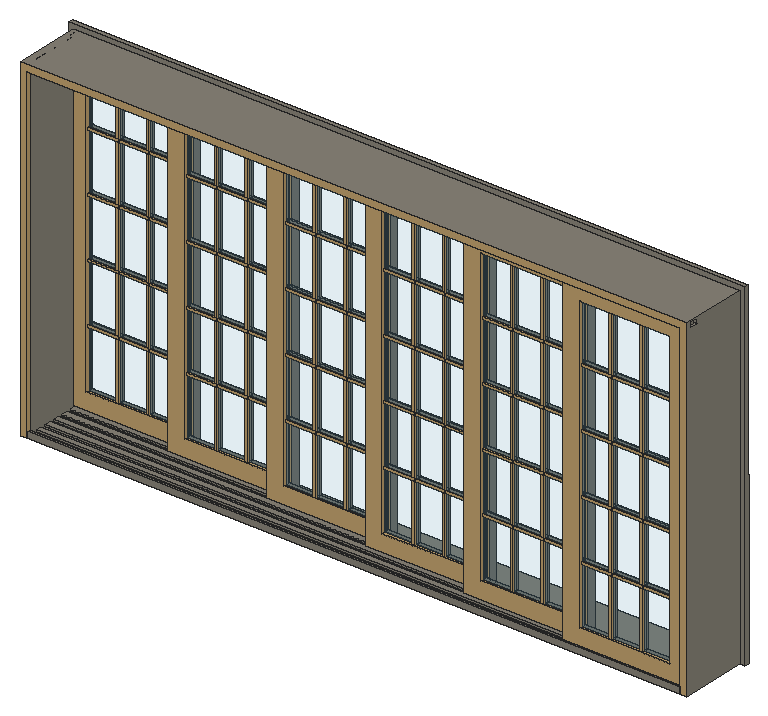
Revit family
Parameters (values of type "CMMSDS18080_OXXXXX/XXXXXO")
  Void Offset = if(and(Casing Visibility, BMC), 0' 1 5/16", if(and(Casing Visibility, Flat Casing), 0' 3", 0' 0"))  # 0' - 1 5/16"
  V6a = if(Panels > 5, 0' 1 13/16", 0' 0")  # 0' - 1 13/16"
  V5a = if(Panels > 4, 0' 1 13/16", 0' 0")  # 0' - 1 13/16"
  V5 = if(Panels > 4, 0' 0 7/32", 0' 1")  # 0' - 0 7/32"
  V4a = if(Panels > 3, 0' 1 13/16", 0' 0")  # 0' - 1 13/16"
  V4 = if(Panels > 3, 0' 0 7/32", 0' 1")  # 0' - 0 7/32"
  V3a = if(Panels > 2, 0' 1 13/16", 0' 0")  # 0' - 1 13/16"
  V3 = if(Panels > 2, 0' 0 7/32", 0' 1")  # 0' - 0 7/32"
  URL = "www.marvin.com"
  Sill Material = Polyurethane-Marvin-Bronze
  Sill Liner = if(Performance Sill, 0' 1 1/16", 0' 0")  # 0' - 1 1/16"
  Prairie Corner Width = 0' - 4"
  Prairie Corner Height = 0' - 4"
  Performance Sill = yes
  Operator Arrow Visibility = yes
  Muntins Interior Material = Wood-Marvin-Pine
  Muntins Exterior Material = Aluminum-Marvin-Bronze
  Lite Cut Prairie 9 = no
  Lite Cut HV Grid = not(Lite Cut Prairie 9)  # yes
  Interior Material = Wood-Marvin-Pine
  Function = 1
  Frame = "Aluminum Clad"
  Flush Sill = not(Performance Sill)  # no
  Panel Start Center = Panel Width / 2  # 1' - 5 17/32"
  Panel Center = Panel Width - Panel Stile  # 2' - 6 21/64"
  Panel Stile = 0' - 4 47/64"  # constant formula
  Thickness = 0' - 2 1/4"  # constant formula
  Rough Width = Width + 0' 1"  # 15' - 9 9/16"
  Rough Height = Height + 0' 0 1/2"  # 7' - 11 7/32"
  Panels = if(Number of Panels < 2, 2, if(Number of Panels > 6, 6, Number of Panels))  # 6
  Panel Width = (Width - 0' 1 55/64" + (Panel Stile * (Panels - 1))) / Panels  # 2' - 11 1/16"
  Panel Height = Height - 0' 2 7/32"  # 7' - 8 1/2"
  Panel 6 Visibility = Number of Panels > 5  # yes
  Panel 5 Visibility = Number of Panels > 4  # yes
  Panel 4 Visibility = Number of Panels > 3  # yes
  Panel 3 Visibility = Number of Panels > 2  # yes
  Number of Panels = 6
  Nominal Width = 18' - 0"
  Nominal Height = 8' - 0"
  Muntins Interior Visibility = yes
  Muntins Exterior Visibility = yes
  Model = "CMMSDS18080_OXXXXX/XXXXXO"
  Manufacturer = "Marvin Windows and Doors"
  Lites Wide = 3
  Lites High = 5
  Label Visibility = no
  Jamb Depth = if(Panels = 2, 0' 6 25/32", if(Panels = 3, 0' 9 51/64", if(Panels = 4, 1' 0 13/16", if(Panels = 5, 1' 3 27/32", 1' 6 55/64"))))  # 1' - 6 55/64"
  Inset to Installation Flange [instance] = 0' - 1"
  Height = if(Nominal Height = 7' 0", Nominal Height + 0' 1 7/32", Nominal Height - 0' 1 9/32")  # 7' - 10 23/32"
  Wall Closure = (empty or 0)
  Width = if(Panels = 2, Nominal Width - 0' 4 3/4", if(Panels = 3, Nominal Width - 0' 10 27/64", if(Panels = 4, Nominal Width - 1' 4 3/32", if(Panels = 5, Nominal Width - 1' 9 49/64", Nominal Width - 2' 3 7/16"))))  # 15' - 8 9/16"
  Glazing Material = Glass-Marvin-IG Low E II with Argon
  Glass Type = "IG Low E II with Argon"
  Family created by = "www.rbuiltcomponents.com"
  Door Type = "Clad Ultimate Multi-Slide Stacked Door"
  Design Pressure = if(DP_1, "Not Rated", "DP40")  # "DP40"
  Description = "18080 MS DOOR"
  Daylight Area = DLO Width Panel * DLO Height Panel * Panels  # 88.545 SF
  DP_1 = or(Panel Height > 10' 0", Panel Width > 4' 0", Flush Sill)  # no
  DLO Width Panel = Panel Width - (Panel Stile * 2)  # 2' - 1 19/32"
  DLO Height Panel = Panel Height - (Panel Stile * 2)  # 6' - 11 1/32"
  Cladding Material = Aluminum-Marvin-Bronze
  Casing Width = if(BMC, 0' 1 5/16", 0' 3")  # 0' - 1 5/16"
  Casing Visibility = yes
  Flat Casing Visibility = and(Casing Visibility, Flat Casing)  # no
  BMC Visibility = and(Casing Visibility, BMC)  # yes
  BMC = yes
  Flat Casing = not(BMC)  # no
  Assembly Code = ""
Reference planes (in)
  plane 1 "Center (Front/Back)": y = 0
  plane 2 "Center (Left/Right)": x = 0
  plane 3 "Left": x = -94.28125
  plane 4 "Right": x = 94.28125
  plane 5 "Top": z = 94.71875
  plane 6 "Exterior": y = 11
  plane 7 "Interior": y = -11
  plane 8 "Inset": y = 10
  plane 9: x = -93.35938
  plane 10: x = 93.35937
  plane 11: z = 93.71875
  plane 12 "Jamb Ext Face": y = -8.85938
  plane 13: y = 9.625
  plane 14: y = 6.60547
  plane 15: y = 3.58594
  plane 16: y = 0.56641
  plane 17: x = -45.5
  plane 18: x = -15.17187
  plane 19: x = 15.15625
  plane 20: x = -75.82812
  plane 21: z = 96.03125
  plane 22: x = 75.82813
  plane 23: x = 45.48438
  plane 24: y = -5.47266
  plane 25: y = -2.45313
Forms (in)
  Extrusion 1, void
    sketch origin (0, 0, 0) x (1, 0, 0) y (0, 1, 0)
      loop
        line (-95.59375, 11.125) -> (-95.59375, 10) -> (95.59375, 10) -> (95.59375, 11.125) -> (-95.59375, 11.125)
    from 0 to 96.03125
  Extrusion 2, void
    sketch origin (0, 0, 0) x (1, 0, 0) y (0, 1, 0)
      loop
        line (-94.28125, 10) -> (-94.28125, -11) -> (94.28125, -11) -> (94.28125, 10) -> (-94.28125, 10)
    from 0 to 94.71875
  Sweep 3, solid, material "Polyurethane-Marvin-Bronze" <- "Sill Material"
    path origin (0, 10, 0) x (1, 0, 0) y (0, 0, 1)
      loop
        line (93.4375, 0) -> (-93.4375, 0)
    profile origin (0, 10, 0) x (0, 0, -1) y (0, -1, 0)
      loop
        line (0, -1.03125) -> (0, 18.39063) -> (-0.75, 18.39063) -> (-0.75, 17.12891) -> (-0.25, 17.12891) -> (-0.25, 15.69141) -> (-0.75, 15.69141) -> (-0.75, -1.03125) -> (0, -1.03125)
  Sweep 4, solid, material "Polyurethane-Marvin-Bronze" <- "Sill Material"
    path origin (0, 10, 0) x (1, 0, 0) y (0, 0, 1)
      loop
        line (92.31025, 0) -> (-92.31025, 0)
    profile origin (0, 10, 0) x (0, 0, -1) y (0, -1, 0)
      loop
        line (-1.8125, 18.39063) -> (0, 18.39063) -> (0, 18.85938) -> (-1.8125, 18.85938) -> (-1.8125, 18.39063)
  Sweep 5, solid, material "Aluminum-Marvin-Bronze" <- "Cladding Material"
    path origin (0, 10, 0) x (1, 0, 0) y (0, 0, 1)
      loop
        line (-94.28125, 0) -> (-94.28125, 94.71875) -> (94.28125, 94.71875) -> (94.28125, 0)
    profile origin (0, 10, 94.71875) x (0, 0, 1) y (0, -1, 0)
      loop
        line (0, 18.85938) -> (-1.971, 18.85938) -> (-1.971, 18.07813) -> (-1.8125, 18.07813) -> (-1.8125, -0.40625) -> (-0.84375, -0.40625) -> (-0.84375, -1.0935) -> (0, -1.0935) -> (0, 18.85938)
  Sweep 6, void
    path origin (0, 10, 0) x (1, 0, 0) y (0, 0, 1)
      loop
        line (-94.28125, 93.71875) -> (-94.28125, 0)
    profile origin (-94.28125, 10, 46.85938) x (0, -1, 0) y (1, 0, 0)
      loop
        line (2.625, 1.8125) -> (0.125, 1.8125) -> (0.125, 0.8125) -> (2.625, 0.8125) -> (2.625, 1.8125)
  Sweep 7, void
    path origin (0, 10, 0) x (1, 0, 0) y (0, 0, 1)
      loop
        line (94.28125, 92.90625) -> (94.28125, 1.21875)
    profile origin (94.28125, 10, 47.0625) x (0, -1, 0) y (1, 0, 0)
      loop
        line (17.82813, -0.8125) -> (15.32813, -0.8125) -> (15.32813, -1.5) -> (15.07813, -1.5) -> (15.07813, -1.971) -> (18.07813, -1.971) -> (18.07813, -1.5) -> (17.82813, -1.5) -> (17.82813, -0.8125)
  Sweep 8, void
    path origin (0, 10, 0) x (1, 0, 0) y (0, 0, 1)
      loop
        line (-93.35938, 94.71875) -> (-58.29688, 94.71875)
    profile origin (-75.82813, 10, 94.71875) x (0, 0, 1) y (0, -1, 0)
      loop
        line (-0.25, 2.76172) -> (-1.5, 2.76172) -> (-1.5, 3.01172) -> (-1.8125, 3.01172) -> (-1.8125, 0) -> (-1.5, 0) -> (-1.5, 0.25) -> (-0.25, 0.25) -> (-0.25, 2.76172)
  Sweep 9, void
    path origin (0, 10, 0) x (1, 0, 0) y (0, 0, 1)
      loop
        line (-92.46875, 94.71875) -> (-27.96875, 94.71875)
    profile origin (-60.21875, 10, 94.71875) x (0, 0, 1) y (0, -1, 0)
      loop
        line (-0.25, 3.26172) -> (-0.25, 5.77344) -> (-1.5, 5.77344) -> (-1.5, 6.02344) -> (-1.8125, 6.02344) -> (-1.8125, 3.01172) -> (-1.5, 3.01172) -> (-1.5, 3.26172) -> (-0.25, 3.26172)
  Sweep 10, void
    path origin (0, 10, 0) x (1, 0, 0) y (0, 0, 1)
      loop
        line (-92.46875, 94.71875) -> (2.35937, 94.71875)
    profile origin (-45.05469, 10, 94.71875) x (0, 0, 1) y (0, -1, 0)
      loop
        line (-0.25, 8.78125) -> (-1.5, 8.78125) -> (-1.5, 9.03125) -> (-1.8125, 9.03125) -> (-1.8125, 5.89453) -> (-1.5, 5.89453) -> (-1.5, 6.26953) -> (-0.25, 6.26953) -> (-0.25, 8.78125)
  Sweep 11, void
    path origin (0, 10, 0) x (1, 0, 0) y (0, 0, 1)
      loop
        line (-92.46875, 94.71875) -> (32.6875, 94.71875)
    profile origin (-29.89063, 10, 94.71875) x (0, 0, 1) y (0, -1, 0)
      loop
        line (-0.25, 9.28906) -> (-0.25, 11.80078) -> (-1.5, 11.80078) -> (-1.5, 12.05078) -> (-1.8125, 12.05078) -> (-1.8125, 8.91406) -> (-1.5, 8.91406) -> (-1.5, 9.28906) -> (-0.25, 9.28906)
  Sweep 12, void
    path origin (0, 10, 0) x (1, 0, 0) y (0, 0, 1)
      loop
        line (-92.46875, 94.71875) -> (63.01562, 94.71875)
    profile origin (-14.72656, 10, 94.71875) x (0, 0, 1) y (0, -1, 0)
      loop
        line (-0.25, 14.82031) -> (-1.5, 14.82031) -> (-1.5, 15.07031) -> (-1.8125, 15.07031) -> (-1.8125, 11.93359) -> (-1.5, 11.93359) -> (-1.5, 12.30859) -> (-0.25, 12.30859) -> (-0.25, 14.82031)
  Sweep 13, void
    path origin (0, 10, 0) x (1, 0, 0) y (0, 0, 1)
      loop
        line (-92.46875, 94.71875) -> (94.28125, 94.71875)
    profile origin (0.90625, 10, 94.71875) x (0, 0, 1) y (0, -1, 0)
      loop
        line (-0.25, 15.32813) -> (-0.25, 17.83984) -> (-1.5, 17.83984) -> (-1.5, 18.08984) -> (-1.8125, 18.08984) -> (-1.8125, 14.95313) -> (-1.5, 14.95313) -> (-1.5, 15.32813) -> (-0.25, 15.32813)
  Extrusion 14, void
    sketch origin (0, 0, 0) x (1, 0, 0) y (0, 1, 0)
      loop
        line (-93.35938, 6.35742) -> (-93.35938, 4.91992) -> (-27.96875, 4.91992) -> (-27.96875, 6.35742) -> (-93.35938, 6.35742)
      loop
        line (-93.35938, 1.9082) -> (2.35938, 1.9082) -> (2.35938, 3.36719) -> (-93.35938, 3.36719) -> (-93.35938, 1.9082)
      loop
        line (-93.35938, -1.08984) -> (32.6875, -1.08984) -> (32.6875, 0.34766) -> (-93.35938, 0.34766) -> (-93.35938, -1.08984)
      loop
        line (-93.35938, -4.10938) -> (63.01563, -4.10938) -> (63.01563, -2.67188) -> (-93.35938, -2.67188) -> (-93.35938, -4.10938)
      loop
        line (-93.35938, 7.93164) -> (-58.29687, 7.93164) -> (-58.29687, 9.34766) -> (-93.35938, 9.34766) -> (-93.35938, 7.93164)
    from 0.25 to 0.75
Cuts and joins
  Sweep 6, Sweep 7, Sweep 8, Sweep 9, Sweep 10, Sweep 11, Sweep 12, Sweep 13 cuts Sweep 5
  Sweep 7, Sweep 9, Sweep 10, Sweep 11, Sweep 12, Sweep 13, Extrusion 14 cuts Sweep 3
  Extrusion 14 cuts Sweep 4
  joined: Sweep 3, Sweep 4
Lines and regions (in)
  Masking region 1
    outline origin (0, 0, 0) x (0, 1, 0) y (0, 0, 1)
      loop
        line (11.0935, 94.71875) -> (-8.85937, 94.71875) -> (-8.85937, 0) -> (11.0935, 0) -> (11.0935, 94.71875)
  Split face 1
    outline origin (-92.46875, 10.40625, 0) x (0, 0, 1) y (0, -1, 0)
      loop
        line (94.46875, 3.6875) -> (93.21875, 3.6875) -> (93.21875, 3.41797) -> (92.90625, 3.41797) -> (92.90625, 3.03125) -> (0, 3.03125)
  symbolic lines, style "DoorsPanelProjection", detail levels coarse+medium
    curve 1: line (0, 9.625, 93.71875) -> (0, 7.40625, 93.71875)
    curve 2: line (0, 9.625, 88.98437) -> (0, 9.625, 93.71875)
    curve 3: line (0, 7.40625, 88.98437) -> (0, 9.625, 88.98437)
    curve 4: line (0, 7.40625, 93.71875) -> (0, 7.40625, 88.98437)
    curve 5: line (0, 7.40625, 1.21875) -> (0, 9.625, 1.21875)
    curve 6: line (0, 7.40625, 5.95312) -> (0, 7.40625, 1.21875)
    curve 7: line (0, 9.625, 5.95312) -> (0, 7.40625, 5.95312)
    curve 8: line (0, 9.625, 1.21875) -> (0, 9.625, 5.95312)
    curve 9: line (0, 9.625, 5.95312) -> (0, 9.625, 88.98437)
    curve 15: line (0, 7.40625, 88.98437) -> (0, 7.40625, 5.95312)
  symbolic lines, style "DoorsGlassProjection", detail levels coarse+medium
    curve 10: line (0, 8.51562, 5.95312) -> (0, 8.51562, 88.98437)
  symbolic lines, style "DoorsFrameMullionProjection", detail levels coarse+medium
    curve 11: line (0, 11.0935, 94.71875) -> (0, -8.85937, 94.71875)
    curve 12: line (0, 11.0935, 92.90625) -> (0, 11.0935, 94.71875)
    curve 13: line (0, -8.85937, 92.74775) -> (0, -7.82813, 92.74775)
    curve 14: line (0, -8.85937, 94.71875) -> (0, -8.85937, 92.74775)
    curve 16: line (0, -7.82813, 93.71875) -> (0, 9.75, 93.71875)
    curve 17: line (0, 9.75, 92.90625) -> (0, 9.75, 93.71875)
    curve 18: line (0, -7.82813, 92.74775) -> (0, -7.82813, 93.71875)
    curve 19: line (0, 9.75, 92.90625) -> (0, 11.0935, 92.90625)
    curve 20: line (0, 11.03125, 0) -> (0, -8.85938, 0)
    curve 21: line (0, 11.03125, 0.75) -> (0, 11.03125, 0)
    curve 22: line (0, -8.85938, 0.75) -> (0, 11.03125, 0.75)
    curve 23: line (0, -8.85938, 0) -> (0, -8.85938, 0.75)
Text (in)
  text "Exterior" at (-74.96733, 27.31104, 0), in view "Ref. Level"
  text "Interior" at (-74.96733, -25.14366, 0), in view "Ref. Level"
  text "Exterior" at (0, 40.15149, 123.01588), in view "Right"
  text "Interior" at (0, -64.39139, 123.01588), in view "Right"
  text "Interior" at (0, -31.01599, 123.00693), in view "Left"
  text "Exterior" at (0, 54.57065, 123.00693), in view "Left"
Dimensions and locks (in)
  equal spacing: plane 3 "Left", plane 2 "Center (Left/Right)", plane 4 "Right"
  "Height": level to plane 5 "Top"
  "Width": plane 3 "Left" to plane 4 "Right"
  locked: plane 10 to plane 4 "Right" at 0.92188
  locked: plane 3 "Left" to plane 9 at 0.92188
  locked: plane 11 to plane 5 "Top" at 1
  "Inset to Installation Flange": host wall to plane 8 "Inset"
  "Jamb Depth": plane 12 "Jamb Ext Face" to plane 8 "Inset"
  locked: nested 1 to host wall at 12
  locked: Extrusion 1 sketch curve to host wall at 0.125
  "Void Offset": Extrusion 1 sketch curve to plane 3 "Left"
  "Void Offset": plane 4 "Right" to Extrusion 1 sketch curve
  locked: plane 13 to plane 8 "Inset" at 0.375
  "Panel Start Center": plane 20 to plane 9
  "Panel Center": plane 17 to plane 20
  "Panel Center": plane 18 to plane 17
  "Panel Center": plane 19 to plane 18
  "Void Offset": plane 5 "Top" to plane 21
  "Panel Center": plane 19 to plane 23
  "Panel Start Center": plane 22 to plane 10
  equal spacing: nested 7, curve 10, nested 7
  plane 24 to plane 25 to plane 16 to plane 15 to plane 14 to plane 13 = 0' - 3 5/256" locked, 0' - 3 5/256" locked, 0' - 3 5/256" locked, 0' - 3 5/256" locked, 0' - 3 5/256" locked
  locked: Sweep 5 sketch curve to plane 12 "Jamb Ext Face" at 0.78125
  Sweep 6 sketch curve to plane 13 to Sweep 6 sketch curve = 0' - 2 1/4" locked, 0' - 0 1/4" locked
  locked: Sweep 6 sketch curve to cut or joined group of Sweep 5, Sweep 6, Sweep 7, Sweep 8, Sweep 9, Sweep 10, Sweep 11, Sweep 12, Sweep 13 at 1
  locked: plane 10 to Sweep 3 sketch curve at 0.07812
  locked: Sweep 3 sketch curve to plane 9 at 0.07812
  plane 12 "Jamb Ext Face" to Sweep 7 sketch curve to Sweep 7 sketch curve to Sweep 7 sketch curve to Sweep 7 sketch curve = 0' - 0 25/32" locked, 0' - 0 1/4" locked, 0' - 2 1/2" locked, 0' - 0 1/4" locked
  Sweep 13 sketch curve to Sweep 13 sketch curve to Sweep 13 sketch curve = 0' - 0 5/16" locked, 0' - 1 1/4" locked
  "V6a": Sweep 13 sketch curve to plane 5 "Top"
  Sweep 12 sketch curve to Sweep 12 sketch curve to Sweep 12 sketch curve = 0' - 1 1/4" locked, 0' - 0 5/16" locked
  "V5a": Sweep 12 sketch curve to plane 5 "Top"
  Sweep 11 sketch curve to Sweep 11 sketch curve to Sweep 11 sketch curve = 0' - 0 5/16" locked, 0' - 1 1/4" locked
  "V4a": Sweep 11 sketch curve to plane 5 "Top"
  Sweep 10 sketch curve to Sweep 10 sketch curve to Sweep 10 sketch curve = 0' - 1 1/4" locked, 0' - 0 5/16" locked
  "V3a": Sweep 10 sketch curve to plane 5 "Top"
  Sweep 8 sketch curve to Sweep 8 sketch curve to plane 13 to Sweep 8 sketch curve to Sweep 8 sketch curve = 0' - 0 1/4" locked, 0' - 0 1/8" locked, 0' - 2 99/256" locked, 0' - 0 1/4" locked
  Sweep 9 sketch curve to Sweep 9 sketch curve to plane 14 to Sweep 9 sketch curve to Sweep 9 sketch curve = 0' - 0 1/4" locked, 0' - 0 17/128" locked, 0' - 2 97/256" locked, 0' - 0 1/4" locked
  Sweep 10 sketch curve to Sweep 10 sketch curve to plane 15 to Sweep 10 sketch curve to Sweep 10 sketch curve = 0' - 0 3/8" locked, 0' - 0 37/256" locked, 0' - 2 47/128" locked, 0' - 0 1/4" locked
  Sweep 11 sketch curve to Sweep 11 sketch curve to plane 16 to Sweep 11 sketch curve to Sweep 11 sketch curve = 0' - 0 3/8" locked, 0' - 0 37/256" locked, 0' - 2 47/128" locked, 0' - 0 1/4" locked
  Sweep 12 sketch curve to Sweep 12 sketch curve to plane 25 to Sweep 12 sketch curve to Sweep 12 sketch curve = 0' - 0 3/8" locked, 0' - 0 37/256" locked, 0' - 2 47/128" locked, 0' - 0 1/4" locked
  Sweep 13 sketch curve to Sweep 13 sketch curve to plane 24 to Sweep 13 sketch curve to Sweep 13 sketch curve = 0' - 0 3/8" locked, 0' - 0 37/256" locked, 0' - 2 47/128" locked, 0' - 0 1/4" locked
  locked: Sweep 3 sketch curve to plane 12 "Jamb Ext Face" at 0.46875
  "Sill Liner": Sweep 4 sketch curve to cut or joined group of Sweep 3, Sweep 4, Sweep 7, Sweep 9, Sweep 10, Sweep 11, Sweep 12, Sweep 13, Extrusion 14
  "V5": plane 25 to Extrusion 14 sketch curve
  "V4": Extrusion 14 sketch curve to plane 16
  "V3": Extrusion 14 sketch curve to plane 15
  Sweep 3 sketch curve to Sweep 3 sketch curve to plane 12 "Jamb Ext Face" = 0' - 1 7/16" locked, 0' - 1 187/256" locked
  locked: Extrusion 14 to level at 0.25
  "Panel Start Center": plane 17 to Extrusion 14 sketch curve
  "Panel Start Center": plane 18 to Extrusion 14 sketch curve
  "Panel Start Center": plane 19 to Extrusion 14 sketch curve
  "Panel Start Center": plane 23 to Extrusion 14 sketch curve
  locked: Extrusion 14 sketch curve to plane 14 at 1.68555
  locked: Extrusion 14 sketch curve to plane 15 at 1.67773
  locked: Extrusion 14 sketch curve to plane 16 at 1.65625
  locked: plane 25 to Extrusion 14 sketch curve at 1.65625
  "Panel Start Center": plane 20 to Extrusion 14 sketch curve
  aligned and locked: plane 6 "Exterior" to host wall
  aligned and locked: host wall to plane 7 "Interior"
  aligned and locked: plane 2 "Center (Left/Right)" to nested 1
  aligned and locked: Extrusion 1 sketch curve to plane 8 "Inset"
  aligned and locked: Extrusion 1 to level
  aligned and locked: Extrusion 2 sketch curve to plane 3 "Left"
  aligned and locked: plane 8 "Inset" to Extrusion 2 sketch curve
  aligned and locked: plane 4 "Right" to Extrusion 2 sketch curve
  aligned and locked: Extrusion 2 to plane 5 "Top"
  aligned and locked: Extrusion 2 to level
  aligned and locked: Extrusion 2 sketch curve to host wall
  aligned and locked: nested 2 to plane 9
  aligned and locked: plane 13 to nested 2
  aligned and locked: plane 14 to nested 3
  aligned and locked: plane 15 to nested 4
  aligned and locked: plane 16 to nested 5
  aligned and locked: plane 17 to nested 3
  aligned and locked: plane 18 to nested 4
  aligned and locked: plane 19 to nested 5
  aligned and locked: plane 8 "Inset" to nested 6
  aligned and locked: plane 2 "Center (Left/Right)" to nested 6
  aligned and locked: Extrusion 1 to plane 21
  aligned and locked: plane 5 "Top" to Masking region 1 sketch curve
  aligned and locked: level to Masking region 1 sketch curve
  aligned and locked: level to nested 7
  aligned and locked: nested 7 to plane 8 "Inset"
  aligned and locked: curve 1 to nested 7
  aligned and locked: curve 4 to nested 7
  aligned and locked: nested 7 to curve 5
  aligned and locked: curve 5 to nested 7
  aligned and locked: curve 11 to nested 7  (x2)
  aligned and locked: nested 7 to curve 14
  aligned and locked: curve 14 to plane 12 "Jamb Ext Face"
  aligned and locked: nested 7 to curve 9
  aligned and locked: Masking region 1 sketch curve to plane 12 "Jamb Ext Face"
  aligned and locked: Masking region 1 sketch curve to nested 7
  aligned and locked: nested 8 to plane 23
  aligned and locked: nested 9 to plane 22
  aligned and locked: curve 3 to nested 7
  aligned and locked: curve 7 to nested 7
  aligned and locked: nested 8 to plane 25
  aligned and locked: nested 9 to plane 24
  aligned and locked: nested 9 to plane 11
  aligned and locked: nested 8 to plane 11
  aligned and locked: nested 5 to plane 11
  aligned and locked: nested 4 to plane 11
  aligned and locked: nested 3 to plane 11
  aligned and locked: nested 2 to plane 11
  aligned and locked: level to Sweep 3 sketch curve
  aligned and locked: Sweep 4 sketch curve to level
  aligned and locked: Sweep 4 sketch curve to plane 12 "Jamb Ext Face"
  aligned and locked: Sweep 5 sketch curve to plane 5 "Top"
  aligned and locked: plane 4 "Right" to Sweep 5 sketch curve
  aligned and locked: plane 3 "Left" to Sweep 5 sketch curve
  aligned and locked: level to Sweep 5 sketch curve  (x2)
  aligned and locked: profile plane to Sweep 5 sketch curve
  aligned and locked: Sweep 5 sketch curve to nested 7  (x4)
  aligned and locked: plane 12 "Jamb Ext Face" to Sweep 5 sketch curve
  aligned and locked: Sweep 6 sketch curve to plane 3 "Left"
  aligned and locked: Sweep 4 to Sweep 6 sketch curve
  aligned and locked: cut or joined group of Sweep 5, Sweep 6, Sweep 7, Sweep 8, Sweep 9, Sweep 10, Sweep 11, Sweep 12, Sweep 13 to Sweep 6 sketch curve
  aligned and locked: Sweep 7 sketch curve to plane 4 "Right"
  aligned and locked: Sweep 7 sketch curve to cut or joined group of Sweep 5, Sweep 6, Sweep 7, Sweep 8, Sweep 9, Sweep 10, Sweep 11, Sweep 12, Sweep 13  (x2)
  aligned and locked: Sweep 7 sketch curve to Sweep 7 sketch curve
  aligned and locked: Sweep 4 sketch curve to cut or joined group of Sweep 5, Sweep 6, Sweep 7, Sweep 8, Sweep 9, Sweep 10, Sweep 11, Sweep 12, Sweep 13
  aligned and locked: cut or joined group of Sweep 5, Sweep 6, Sweep 7, Sweep 8, Sweep 9, Sweep 10, Sweep 11, Sweep 12, Sweep 13 to Sweep 4 sketch curve
  aligned and locked: Sweep 8 sketch curve to plane 5 "Top"
  aligned and locked: Sweep 8 sketch curve to nested 2  (x2)
  aligned and locked: Sweep 9 sketch curve to nested 3
  aligned and locked: Sweep 10 sketch curve to nested 4
  aligned and locked: Sweep 10 sketch curve to plane 5 "Top"
  aligned and locked: Sweep 9 sketch curve to plane 5 "Top"
  aligned and locked: Sweep 11 sketch curve to plane 5 "Top"
  aligned and locked: Sweep 11 sketch curve to nested 5
  aligned and locked: Sweep 12 sketch curve to plane 5 "Top"
  aligned and locked: Sweep 12 sketch curve to nested 8
  aligned and locked: Sweep 13 sketch curve to plane 5 "Top"
  aligned and locked: plane 4 "Right" to Sweep 13 sketch curve
  aligned and locked: Sweep 9 sketch curve to cut or joined group of Sweep 5, Sweep 6, Sweep 7, Sweep 8, Sweep 9, Sweep 10, Sweep 11, Sweep 12, Sweep 13
  aligned and locked: cut or joined group of Sweep 5, Sweep 6, Sweep 7, Sweep 8, Sweep 9, Sweep 10, Sweep 11, Sweep 12, Sweep 13 to Sweep 10 sketch curve
  aligned and locked: Sweep 11 sketch curve to cut or joined group of Sweep 5, Sweep 6, Sweep 7, Sweep 8, Sweep 9, Sweep 10, Sweep 11, Sweep 12, Sweep 13
  aligned and locked: cut or joined group of Sweep 5, Sweep 6, Sweep 7, Sweep 8, Sweep 9, Sweep 10, Sweep 11, Sweep 12, Sweep 13 to Sweep 12 sketch curve
  aligned and locked: Sweep 13 sketch curve to cut or joined group of Sweep 5, Sweep 6, Sweep 7, Sweep 8, Sweep 9, Sweep 10, Sweep 11, Sweep 12, Sweep 13
  aligned and locked: plane 11 to curve 16
  aligned and locked: curve 17 to nested 7
  aligned and locked: curve 18 to nested 7
  aligned and locked: curve 19 to nested 7
  aligned and locked: curve 20 to nested 7
  aligned and locked: nested 7 to curve 23
  aligned and locked: plane 12 "Jamb Ext Face" to curve 23
  aligned and locked: Sweep 10 sketch curve to Sweep 10 sketch curve
  aligned and locked: Sweep 11 sketch curve to Sweep 11 sketch curve
  aligned and locked: Sweep 12 sketch curve to Sweep 12 sketch curve
  aligned and locked: Sweep 13 sketch curve to Sweep 13 sketch curve
  aligned and locked: level to Sweep 4 sketch curve
  aligned and locked: Sweep 7 sketch curve to nested 9
  aligned and locked: plane 11 to Sweep 6 sketch curve
  aligned and locked: cut or joined group of Sweep 5, Sweep 6, Sweep 7, Sweep 8, Sweep 9, Sweep 10, Sweep 11, Sweep 12, Sweep 13 to Split face 1 sketch curve  (x2)
  aligned and locked: Split face 1 sketch curve to cut or joined group of Sweep 5, Sweep 6, Sweep 7, Sweep 8, Sweep 9, Sweep 10, Sweep 11, Sweep 12, Sweep 13  (x2)
  aligned and locked: nested 7 to Split face 1 sketch curve
  aligned and locked: Split face 1 sketch curve to nested 7
  aligned and locked: nested 10 to plane 2 "Center (Left/Right)"
  aligned and locked: nested 10 to plane 8 "Inset"
  aligned and locked: Extrusion 14 to curve 21
  aligned and locked: Extrusion 14 sketch curve to plane 9  (x5)
  aligned and locked: curve 21 to nested 7
Automatic sketch dimensions
  Sweep 3 sketch curve to profile plane = 0' - 0"
  profile plane to Sweep 3 sketch curve = 0' - 0 1/4"
  profile plane to Sweep 3 sketch curve = 0' - 0 3/4"
  Sweep 3 sketch curve to plane 8 "Inset" = 0' - 1 1/32"
  Sweep 4 sketch curve to Sweep 4 sketch curve = 0' - 0 15/32"
  Sweep 5 sketch curve to Sweep 5 sketch curve = 0' - 0.1585"
  Sweep 7 sketch curve to Sweep 7 sketch curve = 0' - 0.471"
  Sweep 7 sketch curve to Sweep 7 sketch curve = 0' - 0 11/16"
  profile plane to Sweep 8 sketch curve = 0' - 1 13/16"
  Sweep 8 sketch curve to Sweep 8 sketch curve = 0' - 0 5/16"  (x2)
  profile plane to Sweep 8 sketch curve = 0' - 0 1/4"
  profile plane to Sweep 9 sketch curve = 0' - 1 13/16"
  Sweep 9 sketch curve to Sweep 9 sketch curve = 0' - 0 5/16"  (x2)
  profile plane to Sweep 9 sketch curve = 0' - 0 1/4"
  Split face 1 sketch curve to cut or joined group of Sweep 5, Sweep 6, Sweep 7, Sweep 8, Sweep 9, Sweep 10, Sweep 11, Sweep 12, Sweep 13 = 0' - 0"  (x2)
  Sweep 3 sketch curve to Sweep 3 sketch curve = 0' - 0 1/2"
  Extrusion 14 sketch curve to plane 14 = 0' - 1.32617"
  plane 8 "Inset" to Extrusion 14 sketch curve = 0' - 0 167/256"
  plane 14 to Extrusion 14 sketch curve = 0' - 0.24805"
Nested families (in)
  nested 1: "Label Annotation 1-16 w5" at (0, 23, 0), visible <- "Label Visibility", type "Label Annotation 1-16 w5"
  nested 2: "Panel" at (-75.82813, 9.625, 1.21875), Arrow Visibility <- "Operator Arrow Visibility", type "Panel"
    with Meeting Flange no, Arrow Visibility yes, Width 2' - 11 1/16", DLO Width 2' - 1 19/32"
  nested 3: "Panel" at (-45.5, 6.60547, 1.21875), Arrow Visibility <- "Operator Arrow Visibility", type "Panel"
    with Width 2' - 11 1/16", DLO Width 2' - 1 19/32"
  nested 4: "Panel" at (-15.17188, 3.58594, 1.21875), Arrow Visibility <- "Operator Arrow Visibility", visible <- "Panel 3 Visibility", type "Panel"
    with Width 2' - 11 1/16", DLO Width 2' - 1 19/32"
  nested 5: "Panel" at (15.15625, 0.56641, 1.21875), Arrow Visibility <- "Operator Arrow Visibility", visible <- "Panel 4 Visibility", type "Panel"
    with Width 2' - 11 1/16", DLO Width 2' - 1 19/32"
  nested 6: "Casing_Clad" at (0, 10, 0), visible <- "Casing Visibility", type "Casing_Clad"
    with Width 15' - 8 9/16"
  nested 7: "Door_Section_Detail" at (0, 10, 0) x (0, -1, 0) z (1, 0, 0), type "Door_Section_Detail", detail levels fine
    with Performance Sill yes, Flush Sill no
  nested 8: "Panel" at (45.48437, -2.45312, 1.21875), Arrow Visibility <- "Operator Arrow Visibility", visible <- "Panel 5 Visibility", type "Panel"
    with Width 2' - 11 1/16", DLO Width 2' - 1 19/32"
  nested 9: "Panel" at (75.82812, -5.47266, 1.21875), Arrow Visibility <- "Operator Arrow Visibility", visible <- "Panel 6 Visibility", type "Panel"
    with Width 2' - 11 1/16", DLO Width 2' - 1 19/32"
  nested 10: "Door_Plan_Detail" at (0, 10, 94.71875) x (1, 0, 0) z (0, 0, -1), type "Door_Plan_Detail"
    with Width 15' - 8 9/16", Panel Width 2' - 11 1/16", Casing yes
Definition of nested family "Panel"
  Parameters (values of type "Panel")
    Width = 2' - 11.06719"
    Thickness = 0' - 2 7/32"
    Prairie Corner Width = 0' - 4"
    Prairie Corner Height = 0' - 4"
    Muntins Interior Visibility = yes
    Muntins Interior Finish = Wood-Marvin-Pine
    Muntins Exterior Visibility = yes
    Muntins Exterior Finish = Aluminum-Marvin-Bronze
    Meeting Flange [instance] = yes
    Lites Wide = 3
    Lites High = 5
    Lite Cut Prairie 9 = no
    Lite Cut HV Grid = yes
    Interior Finish = Wood-Marvin-Pine
    Height = 7' - 8 1/2"
    Glazing Material = Glass-Marvin-IG Low E II with Argon
    DLO Width = 2' - 1.59844"
    DLO Height = 6' - 11 1/32"
    Cladding Finish = Aluminum-Marvin-Bronze
    Assembly Code = ""
    Arrow Visibility [instance] = yes
  Reference planes (in)
    plane 1 "Center (Front/Back)": y = 0
    plane 2: z = 0
    plane 3 "Center (Left/Right)": x = 0
    plane 4: x = -17.53359
    plane 5: x = 17.53359
    plane 6: z = 92.5
    plane 7: y = -2.21875
    plane 8: z = 87.76562
    plane 9: x = -12.79922
    plane 10: x = 12.79922
    plane 11 "Top Rail": z = 4.73437
  Forms (in)
    Sweep 1, solid, material "Aluminum-Marvin-Bronze" <- "Cladding Finish"
      path origin (0, 0, 0) x (1, 0, 0) y (0, 0, 1)
        loop
          line (-12.79922, 87.76563) -> (-12.79922, 4.73438) -> (12.79922, 4.73438) -> (12.79922, 87.76563) -> (-12.79922, 87.76563)
      profile "Sash_C : Sash_C" origin (0, 0, 87.76563) x (0, 0, 1) y (0, -1, 0)
        loop
          line (4.73437, 0) -> (4.73438, 2.21875) -> (0, 2.21875) -> (0, 1.5) -> (0.73438, 1.5) -> (0.73437, 0.4375) -> (0, 0.4375) -> (0, 0.39904) -> (0.25, 0.14904) -> (0.25, 0) -> (4.73437, 0)
    Extrusion 2, solid, material "Glass-Marvin-IG Low E II with Argon" <- "Glazing Material"
      sketch origin (0, 0, 0) x (1, 0, 0) y (0, 0, 1)
        loop
          line (-13.54922, 88.51563) -> (-13.54922, 3.98438) -> (13.54922, 3.98438) -> (13.54922, 88.51563) -> (-13.54922, 88.51563)
      from 0.4863 to 1.4238
  Dimensions and locks (in)
    equal spacing: plane 4, plane 3 "Center (Left/Right)", plane 5
    "Width": plane 4 to plane 5
    "Height": plane 6 to plane 2
    locked: plane 9 to plane 4 at 4.73438
    locked: plane 5 to plane 10 at 4.73438
    locked: plane 6 to plane 8 at 4.73438
    locked: plane 11 "Top Rail" to plane 2 at 4.73438
    "Thickness": plane 7 to plane 1 "Center (Front/Back)"
    locked: nested 1 to plane 4 at 12
    equal spacing: plane 6, nested 1, level
    aligned and locked: plane 11 "Top Rail" to Sweep 1 sketch curve
    aligned and locked: plane 9 to Sweep 1 sketch curve
    aligned and locked: Sweep 1 sketch curve to plane 8
    aligned and locked: Sweep 1 sketch curve to plane 10
    aligned and locked: nested 2 to Sweep 1
    aligned and locked: plane 3 "Center (Left/Right)" to nested 2
    aligned and locked: Sweep 1 to nested 3
    aligned and locked: nested 3 to plane 8
    aligned and locked: nested 3 to plane 3 "Center (Left/Right)"
    aligned and locked: plane 8 to nested 2
  Automatic sketch dimensions
    Extrusion 2 sketch curve to plane 9 = 0' - 0 3/4"
    plane 10 to Extrusion 2 sketch curve = 0' - 0 3/4"
    Extrusion 2 sketch curve to plane 11 "Top Rail" = 0' - 0 3/4"
    plane 8 to Extrusion 2 sketch curve = 0' - 0 3/4"
  Nested families (in)
    nested 1: "Sliding Arrow" at (-5.53359, 0, 46.25) x (-1, 0, 0) z (0, -1, 0), visible <- "Arrow Visibility", type "Sliding Arrow"
    nested 2: "Muntins" at (0, -1.5, -31.3125), Muntin Material <- "Muntins Interior Finish", visible <- "Muntins Interior Visibility", type "Muntins"
      with MuntinDepth 0' - 0 3/8", Muntin Material Wood-Marvin-Pine, Muntin Extension 0' - 0 17/32", GlazingWidth 2' - 1.59844", GlazingHeight 6' - 11 1/32", Width 2' - 2.12969", LitesVertical 5, HorizontalMuntins 4, Height 6' - 11 9/16", Inset Vert 0' - 8.3349", Inset Horiz 1' - 4.3375"
    nested 3: "Muntins" at (0, -0.4375, -31.3125), Muntin Material <- "Muntins Exterior Finish", visible <- "Muntins Exterior Visibility", type "Muntins"
      with MuntinDepth 0' - 0 5/16", Muntin Material Aluminum-Marvin-Bronze, Muntin Extension 0' - 0 17/32", GlazingWidth 2' - 1.59844", GlazingHeight 6' - 11 1/32", Width 2' - 2.12969", LitesVertical 5, HorizontalMuntins 4, Height 6' - 11 9/16", Inset Vert 0' - 8.3349", Inset Horiz 1' - 4.3375"
  Definition of nested family "Muntins"
    Parameters (values of type "Muntins")
      PrairieMuntVisible = no
      Prairie Corner Width = 0' - 4"
      Prairie Corner Height = 0' - 4"
      Muntin Extension = 0' - 0 7/16"
      GridMuntVisible = yes
      GlazingWidth = 2' - 0"
      GlazingHeight = 2' - 11 1/8"
      Width = GlazingWidth + Muntin Extension  # 2' - 0 7/16"
      VerticalMuntins = if(LitesHorizontal < 3, 2, LitesHorizontal - 1)  # 2
      VertMuntVisible = and(GridMuntVisible, LitesHorizontal > 2)  # yes
      MuntinWidth = 0' - 0 3/4"
      MuntinDepth [instance] = 0' - 0 3/8"
      Muntin Material [instance] = none
      LitesVertical = 3
      LitesHorizontal = 3
      HorizontalMuntins = if(LitesVertical < 3, 2, LitesVertical - 1)  # 2
      HorizMuntVisible = and(GridMuntVisible, LitesVertical > 2)  # yes
      Height = GlazingHeight + Muntin Extension  # 2' - 11 9/16"
      Inset Vert = if(LitesHorizontal < 3, (Width / 3) - (MuntinWidth / 2), (Width / LitesHorizontal) - (MuntinWidth / 2))  # 0' - 7.77083"
      Inset Horiz = if(LitesVertical < 3, (Height / 3) - (MuntinWidth / 2), (Height / LitesVertical) - (MuntinWidth / 2))  # 0' - 11.47917"
      CenterMuntinVertical = and(GridMuntVisible, LitesHorizontal = 2)  # no
      CenterMuntinHorizontal = and(GridMuntVisible, LitesVertical = 2)  # no
      Assembly Code = ""
    Reference planes (in)
      plane 1 "Center (Front/Back)": y = 0
      plane 2: z = 0
      plane 3 "Center (Left/Right)": x = 0
      plane 4: z = 35.78125
      plane 5: z = 53.5625
      plane 6: z = 71.34375
      plane 7: z = 59.86458
      plane 8: z = 47.26042
      plane 9: z = 71.125
      plane 10: z = 36
      plane 11: x = -12
      plane 12: x = 12
      plane 13: x = -4.44792
      plane 14: x = -12.21875
      plane 15: x = 12.21875
      plane 16: x = 4.44792
      plane 17: z = 67.125
      plane 18: z = 40
      plane 19: x = -8
      plane 20: x = 8
    Forms (in)
      Extrusion 1, solid, material <- "Muntin Material", visible <- "CenterMuntinVertical", detail levels medium+fine
        sketch origin (9, 0, 0) x (1, 0, 0) y (0, 0, 1)
          loop
            line (-9.375, 71.34375) -> (-9.375, 35.78125) -> (-8.625, 35.78125) -> (-8.625, 71.34375) -> (-9.375, 71.34375)
        from 0 to 0.375 <- "MuntinDepth"
      Extrusion 2, solid, material <- "Muntin Material", visible <- "CenterMuntinHorizontal", detail levels medium+fine
        sketch origin (-0.0013, 0, 14.6875) x (1, 0, 0) y (0, 0, 1)
          loop
            line (-12.21745, 39.25) -> (-12.21745, 38.5) -> (12.22005, 38.5) -> (12.22005, 39.25) -> (-12.21745, 39.25)
        from 0 to 0.375 <- "MuntinDepth"
      Extrusion 3, solid, material <- "Muntin Material", visible <- "VertMuntVisible", detail levels medium+fine
        sketch origin (4.92708, 0, -2.90625) x (1, 0, 0) y (0, 0, 1)
          loop
            line (-9.375, 74.25) -> (-9.375, 38.6875) -> (-8.625, 38.6875) -> (-8.625, 74.25) -> (-9.375, 74.25)
        from 0 to 0.375 <- "MuntinDepth"
      Extrusion 4, solid, material <- "Muntin Material", visible <- "HorizMuntVisible", detail levels medium+fine
        sketch origin (-3.09635, 0, 14.17708) x (1, 0, 0) y (0, 0, 1)
          loop
            line (-9.1224, 45.6875) -> (-9.1224, 44.9375) -> (15.3151, 44.9375) -> (15.3151, 45.6875) -> (-9.1224, 45.6875)
        from 0 to 0.375 <- "MuntinDepth"
      Extrusion 5, solid, material <- "Muntin Material", visible <- "HorizMuntVisible", detail levels medium+fine
        sketch origin (-3.09635, 0, 2.32292) x (1, 0, 0) y (0, 0, 1)
          loop
            line (-9.1224, 45.6875) -> (-9.1224, 44.9375) -> (15.3151, 44.9375) -> (15.3151, 45.6875) -> (-9.1224, 45.6875)
        from 0 to 0.375 <- "MuntinDepth"
      Extrusion 6, solid, material <- "Muntin Material", visible <- "VertMuntVisible", detail levels medium+fine
        sketch origin (13.07292, 0, -2.90625) x (1, 0, 0) y (0, 0, 1)
          loop
            line (-9.375, 74.25) -> (-9.375, 38.6875) -> (-8.625, 38.6875) -> (-8.625, 74.25) -> (-9.375, 74.25)
        from 0 to 0.375 <- "MuntinDepth"
      Extrusion 7, solid, material <- "Muntin Material", visible <- "PrairieMuntVisible", detail levels medium+fine
        sketch origin (1, 0, 0) x (1, 0, 0) y (0, 0, 1)
          loop
            line (-9, 71.34375) -> (-9, 35.78125) -> (-8.25, 35.78125) -> (-8.25, 71.34375) -> (-9, 71.34375)
        from 0 to 0.375 <- "MuntinDepth"
      Extrusion 8, solid, material <- "Muntin Material", visible <- "PrairieMuntVisible", detail levels medium+fine
        sketch origin (17, 0, 0) x (1, 0, 0) y (0, 0, 1)
          loop
            line (-9.75, 71.34375) -> (-9.75, 35.78125) -> (-9, 35.78125) -> (-9, 71.34375) -> (-9.75, 71.34375)
        from 0 to 0.375 <- "MuntinDepth"
      Extrusion 9, solid, material <- "Muntin Material", visible <- "PrairieMuntVisible", detail levels medium+fine
        sketch origin (-0.0013, 0, 28.25) x (1, 0, 0) y (0, 0, 1)
          loop
            line (-12.21745, 38.875) -> (-12.21745, 38.125) -> (12.22005, 38.125) -> (12.22005, 38.875) -> (-12.21745, 38.875)
        from 0 to 0.375 <- "MuntinDepth"
      Extrusion 10, solid, material <- "Muntin Material", visible <- "PrairieMuntVisible", detail levels medium+fine
        sketch origin (-0.0013, 0, 1.125) x (1, 0, 0) y (0, 0, 1)
          loop
            line (-12.21745, 39.625) -> (-12.21745, 38.875) -> (12.22005, 38.875) -> (12.22005, 39.625) -> (-12.21745, 39.625)
        from 0 to 0.375 <- "MuntinDepth"
    Cuts and joins
      joined: Extrusion 7, Extrusion 8, Extrusion 9, Extrusion 10
    Lines and regions (in)
      model lines, style "Muntins", visible <- "CenterMuntinHorizontal", detail levels coarse
        curve 1: line (-12.21875, 0, 53.5625) -> (12.21875, 0, 53.5625)
      model lines, style "Muntins", visible <- "HorizMuntVisible", detail levels coarse
        curve 2: line (-12.21875, 0, 59.48958) -> (12.21875, 0, 59.48958)
        curve 3: line (-12.21875, 0, 47.63542) -> (12.21875, 0, 47.63542)
      model lines, style "Muntins", visible <- "CenterMuntinVertical", detail levels coarse
        curve 4: line (0, 0, 71.34375) -> (0, 0, 35.78125)
      model lines, style "Muntins", visible <- "VertMuntVisible", detail levels coarse
        curve 5: line (-4.07292, 0, 71.34375) -> (-4.07292, 0, 35.78125)
        curve 6: line (4.07292, 0, 71.34375) -> (4.07292, 0, 35.78125)
      model lines, style "Muntins", visible <- "PrairieMuntVisible", detail levels coarse
        curve 7: line (-12.21875, 0, 66.75) -> (12.21875, 0, 66.75)
        curve 8: line (-12.21875, 0, 40.375) -> (12.21875, 0, 40.375)
        curve 9: line (-7.625, 0, 35.78125) -> (-7.625, 0, 71.34375)
        curve 10: line (7.625, 0, 35.78125) -> (7.625, 0, 71.34375)
    Dimensions and locks (in)
      "Inset Horiz": plane 6 to plane 7
      "Inset Horiz": plane 8 to plane 4
      equal spacing: plane 6, plane 5, plane 4
      "Height": plane 6 to plane 4
      "GlazingHeight": plane 9 to plane 10
      equal spacing: plane 9, plane 5, plane 10
      "GlazingWidth": plane 12 to plane 11
      equal spacing: plane 12, plane 3 "Center (Left/Right)", plane 11
      "MuntinWidth": Extrusion 1 sketch curve to Extrusion 1 sketch curve
      "Height": Extrusion 1 sketch curve to Extrusion 1 sketch curve
      "MuntinWidth": Extrusion 2 sketch curve to Extrusion 2 sketch curve
      "Width": Extrusion 2 sketch curve to Extrusion 2 sketch curve
      "MuntinWidth": Extrusion 3 sketch curve to Extrusion 3 sketch curve
      "Height": Extrusion 3 sketch curve to Extrusion 3 sketch curve
      "Width": plane 15 to plane 14
      equal spacing: plane 15, plane 3 "Center (Left/Right)", plane 14
      "Inset Vert": plane 13 to plane 14
      "Inset Vert": plane 15 to plane 16
      "MuntinWidth": Extrusion 4 sketch curve to Extrusion 4 sketch curve
      "Width": Extrusion 4 sketch curve to Extrusion 4 sketch curve
      "MuntinWidth": Extrusion 5 sketch curve to Extrusion 5 sketch curve
      "Width": Extrusion 5 sketch curve to Extrusion 5 sketch curve
      group 2 to group 3 = 0' - 0"  (x2)
      group 3 to group 2 = 0' - 11.85417"
      "MuntinWidth": Extrusion 6 sketch curve to Extrusion 6 sketch curve
      "Height": Extrusion 6 sketch curve to Extrusion 6 sketch curve
      group 4 to group 5 = 0' - 8.14583"
      group 4 to group 5 = 0' - 0"  (x2)
      "Prairie Corner Width": plane 19 to plane 11
      "Prairie Corner Width": plane 20 to plane 12
      "Prairie Corner Height": plane 9 to plane 17
      "Prairie Corner Height": plane 18 to plane 10
      "MuntinWidth": Extrusion 7 sketch curve to Extrusion 7 sketch curve
      "Height": Extrusion 7 sketch curve to Extrusion 7 sketch curve
      "MuntinWidth": Extrusion 8 sketch curve to Extrusion 8 sketch curve
      "Height": Extrusion 8 sketch curve to Extrusion 8 sketch curve
      "MuntinWidth": Extrusion 9 sketch curve to Extrusion 9 sketch curve
      "Width": Extrusion 9 sketch curve to Extrusion 9 sketch curve
      "MuntinWidth": Extrusion 10 sketch curve to Extrusion 10 sketch curve
      "Width": Extrusion 10 sketch curve to Extrusion 10 sketch curve
      aligned and locked: plane 6 to Extrusion 1  (x2)
      aligned and locked: Extrusion 1 to plane 4  (x3)
      aligned and locked: Extrusion 3 to plane 13  (x5)
      aligned and locked: Extrusion 3 to plane 4  (x3)
      aligned and locked: Extrusion 2 to plane 14
      aligned and locked: plane 15 to Extrusion 2
      aligned and locked: plane 6 to Extrusion 3
      aligned and locked: plane 7 to Extrusion 4
      aligned and locked: Extrusion 4 to plane 14
      aligned and locked: plane 15 to Extrusion 4
      aligned and locked: curve 1 to plane 5
      aligned and locked: plane 14 to curve 1
      aligned and locked: plane 15 to curve 1
      aligned and locked: Extrusion 5 to plane 14
      aligned and locked: Extrusion 5 to plane 8
      aligned and locked: plane 15 to Extrusion 5
      aligned and locked: Extrusion 5 to curve 3  (x2)
      aligned and locked: Extrusion 4 to curve 2  (x2)
      aligned and locked: curve 4 to plane 3 "Center (Left/Right)"
      aligned and locked: Extrusion 1 to curve 4  (x2)
      aligned and locked: Extrusion 3 to curve 5  (x2)
      aligned and locked: Extrusion 6 to curve 6  (x2)
      aligned and locked: Extrusion 6 to plane 16
      aligned and locked: plane 6 to Extrusion 6
      aligned and locked: plane 6 to curve 6
      aligned and locked: Extrusion 6 to plane 4
      aligned and locked: plane 4 to curve 6
      aligned and locked: cut or joined group of Extrusion 7, Extrusion 8, Extrusion 9, Extrusion 10 to plane 19
      aligned and locked: plane 20 to cut or joined group of Extrusion 7, Extrusion 8, Extrusion 9, Extrusion 10
      aligned and locked: plane 17 to cut or joined group of Extrusion 7, Extrusion 8, Extrusion 9, Extrusion 10
      aligned and locked: cut or joined group of Extrusion 7, Extrusion 8, Extrusion 9, Extrusion 10 to plane 18
      aligned and locked: cut or joined group of Extrusion 7, Extrusion 8, Extrusion 9, Extrusion 10 to curve 7  (x2)
      aligned and locked: cut or joined group of Extrusion 7, Extrusion 8, Extrusion 9, Extrusion 10 to curve 8  (x2)
      aligned and locked: cut or joined group of Extrusion 7, Extrusion 8, Extrusion 9, Extrusion 10 to curve 9  (x2)
      aligned and locked: cut or joined group of Extrusion 7, Extrusion 8, Extrusion 9, Extrusion 10 to curve 10  (x2)
    Automatic sketch dimensions
      Extrusion 1 sketch curve to plane 4 = 0' - 0"
      Extrusion 1 sketch curve to plane 3 "Center (Left/Right)" = 0' - 0 3/8"
      Extrusion 2 sketch curve to plane 14 = 0' - 0"
      Extrusion 2 sketch curve to plane 5 = 0' - 0 3/8"
      Extrusion 7 sketch curve to plane 4 = 0' - 0"
      Extrusion 7 sketch curve to plane 19 = 0' - 0"
      Extrusion 8 sketch curve to plane 4 = 0' - 0"
      Extrusion 8 sketch curve to plane 20 = 0' - 0 3/4"
      Extrusion 9 sketch curve to plane 14 = 0' - 0"
      Extrusion 9 sketch curve to plane 17 = 0' - 0 3/4"
      Extrusion 10 sketch curve to plane 14 = 0' - 0"
      Extrusion 10 sketch curve to plane 18 = 0' - 0"
      plane 19 to curve 9 = 0' - 0 3/8"
      curve 10 to plane 20 = 0' - 0 3/8"
      plane 18 to curve 8 = 0' - 0 3/8"
      curve 7 to plane 17 = 0' - 0 3/8"
  Definition of nested family "Sliding Arrow"
    Reference planes (in)
      plane 1 "Center (Front/Back)": y = 0
      plane 2: z = 0
      plane 3 "Center (Left/Right)": x = 0
    Lines and regions (in)
      detail lines, in view "Ref. Level"
        curve 1: line (0, 1.5, 0) -> (0, -1.5, 0)
        curve 2: line (0, 1.5, 0) -> (2.59808, 0, 0)
        curve 3: line (2.59808, 0, 0) -> (0, -1.5, 0)
Definition of nested family "Casing_Clad"
  Parameters (values of type "Casing_Clad")
    Width = 33' - 8 9/16"
    Height = 7' - 10 23/32"
    Flat Casing Visibility = no
    Cladding Finish = Aluminum-Marvin-Bronze
    BMC Visibility = yes
    Assembly Code = ""
  Reference planes (in)
    plane 1 "Center (Front/Back)": y = 0
    plane 2: z = 0
    plane 3 "Center (Left/Right)": x = 0
    plane 4: z = 94.71875
    plane 5: x = -202.28125
    plane 6: x = 202.28125
  Forms (in)
    Sweep 1, solid, material "Aluminum-Marvin-Bronze" <- "Cladding Finish", visible <- "BMC Visibility"
      path origin (0, 0, 0) x (1, 0, 0) y (0, 0, 1)
        loop
          line (-202.28125, 0) -> (-202.28125, 94.71875) -> (202.28125, 94.71875) -> (202.28125, 0)
      profile "BMC_Clad : BMC_Clad" origin (202.28125, 0, 47.35938) x (1, 0, 0) y (0, -1, 0)
        loop
          line (0.71589, -1.25) -> (1.3125, -1.25) -> (1.3125, 0) -> (0, 0) -> (0, -1.09375) -> (0.38081, -1.09375) -> (0.71589, -1.25)
    Sweep 2, solid, material "Aluminum-Marvin-Bronze" <- "Cladding Finish", visible <- "Flat Casing Visibility"
      path origin (0, 0, 0) x (1, 0, 0) y (0, 0, 1)
        loop
          line (-202.28125, 0) -> (-202.28125, 94.71875) -> (202.28125, 94.71875) -> (202.28125, 0)
      profile "Flat_Casing_Clad : Flat_Casing_Clad" origin (202.28125, 0, 47.35938) x (1, 0, 0) y (0, -1, 0)
        loop
          line (3, -1.09375) -> (3, 0) -> (0, 0) -> (0, -1.09375) -> (3, -1.09375)
  Lines and regions (in)
    Masking region 1, visible <- "Flat Casing Visibility"
      outline origin (0, 0, 0) x (1, 0, 0) y (0, 1, 0)
        loop
          line (-202.28125, 0) -> (-202.28125, 1.09375) -> (-205.28125, 1.09375) -> (-205.28125, 0) -> (-202.28125, 0)
    Masking region 2, visible <- "Flat Casing Visibility"
      outline origin (0, 0, 0) x (0, 1, 0) y (-1, 0, 0)
        loop
          line (0, -202.28125) -> (0, -205.28125) -> (1.09375, -205.28125) -> (1.09375, -202.28125) -> (0, -202.28125)
    Masking region 3, visible <- "BMC Visibility"
      outline origin (0, 0, 0) x (1, 0, 0) y (0, 1, 0)
        loop
          line (202.28125, 1.09375) -> (202.28125, 0) -> (203.59375, 0) -> (203.59375, 1.25) -> (202.99714, 1.25) -> (202.66206, 1.09375) -> (202.28125, 1.09375)
    Masking region 4, visible <- "BMC Visibility"
      outline origin (0, 0, 0) x (0, 1, 0) y (-1, 0, 0)
        loop
          line (1.09375, 202.28125) -> (1.09375, 202.66206) -> (1.25, 202.99714) -> (1.25, 203.59375) -> (0, 203.59375) -> (0, 202.28125) -> (1.09375, 202.28125)
    Masking region 5, visible <- "Flat Casing Visibility"
      outline origin (0, 0, 0) x (0, 1, 0) y (0, 0, 1)
        loop
          line (1.09375, 97.71875) -> (0, 97.71875) -> (0, 94.71875) -> (1.09375, 94.71875) -> (1.09375, 97.71875)
    Masking region 6, visible <- "BMC Visibility"
      outline origin (0, 0, 0) x (0, 1, 0) y (0, 0, 1)
        loop
          line (1.25, 96.03125) -> (0, 96.03125) -> (0, 94.71875) -> (1.09375, 94.71875) -> (1.09375, 95.09956) -> (1.25, 95.43464) -> (1.25, 96.03125)
    symbolic lines, style "Frame/Mullion", visible <- "Flat Casing Visibility", detail levels coarse+medium
      curve 1: line (0, 1.09375, 94.71875) -> (0, 1.09375, 97.71875)
      curve 2: line (0, 1.09375, 97.71875) -> (0, 0, 97.71875)
      curve 11: line (-205.28125, 1.09375, 0) -> (-205.28125, 0, 0)
      curve 12: line (-202.28125, 1.09375, 0) -> (-205.28125, 1.09375, 0)
      curve 13: line (205.28125, 0, 0) -> (205.28125, 1.09375, 0)
      curve 14: line (205.28125, 1.09375, 0) -> (202.28125, 1.09375, 0)
    symbolic lines, style "Frame/Mullion", visible <- "BMC Visibility", detail levels coarse+medium
      curve 3: line (0, 1.25, 96.03125) -> (0, 0, 96.03125)
      curve 4: line (0, 1.25, 95.43464) -> (0, 1.25, 96.03125)
      curve 5: line (0, 1.09375, 95.09956) -> (0, 1.25, 95.43464)
      curve 6: line (0, 1.09375, 94.71875) -> (0, 1.09375, 95.09956)
      curve 7: line (-202.99714, 1.25, 0) -> (-203.59375, 1.25, 0)
      curve 8: line (-202.66206, 1.09375, 0) -> (-202.99714, 1.25, 0)
      curve 9: line (-202.28125, 1.09375, 0) -> (-202.66206, 1.09375, 0)
      curve 10: line (-203.59375, 1.25, 0) -> (-203.59375, 0, 0)
      curve 15: line (203.59375, 0, 0) -> (203.59375, 1.25, 0)
      curve 16: line (203.59375, 1.25, 0) -> (202.99714, 1.25, 0)
      curve 17: line (202.99714, 1.25, 0) -> (202.66206, 1.09375, 0)
      curve 18: line (202.66206, 1.09375, 0) -> (202.28125, 1.09375, 0)
  Dimensions and locks (in)
    "Width": plane 6 to plane 5
    equal spacing: plane 6, plane 3 "Center (Left/Right)", plane 5
    "Height": plane 4 to plane 2
    aligned and locked: plane 4 to Sweep 1 sketch curve
    aligned and locked: plane 5 to Sweep 1 sketch curve
    aligned and locked: plane 2 to Sweep 1 sketch curve
    aligned and locked: Sweep 1 sketch curve to plane 2
    aligned and locked: plane 4 to Sweep 2 sketch curve
    aligned and locked: plane 5 to Sweep 2 sketch curve
    aligned and locked: plane 2 to Sweep 2 sketch curve
    aligned and locked: Sweep 2 sketch curve to plane 2
    aligned and locked: Masking region 1 sketch curve to Sweep 1
    aligned and locked: plane 1 "Center (Front/Back)" to Masking region 1 sketch curve
    aligned and locked: Sweep 2 to Masking region 1 sketch curve
    aligned and locked: Masking region 1 sketch curve to Sweep 2
    aligned and locked: Masking region 2 sketch curve to Sweep 2  (x3)
    aligned and locked: Sweep 2 to Masking region 2 sketch curve
    aligned and locked: Masking region 3 sketch curve to Sweep 2
    aligned and locked: Masking region 3 sketch curve to Sweep 1  (x4)
    aligned and locked: Sweep 1 to Masking region 3 sketch curve
    aligned and locked: Masking region 4 sketch curve to Sweep 2
    aligned and locked: Masking region 4 sketch curve to Sweep 1  (x5)
    aligned and locked: Masking region 5 sketch curve to Sweep 2  (x2)
    aligned and locked: Sweep 1 to Masking region 5 sketch curve
    aligned and locked: Masking region 5 sketch curve to Sweep 1
    aligned and locked: Masking region 6 sketch curve to Sweep 1  (x6)
    aligned and locked: curve 1 to Masking region 5
    aligned and locked: curve 2 to Sweep 2
    aligned and locked: curve 3 to Sweep 1
    aligned and locked: curve 4 to Masking region 6
    aligned and locked: curve 5 to Sweep 1
    aligned and locked: curve 6 to Masking region 6
    aligned and locked: Masking region 2 to curve 14
    aligned and locked: Masking region 3 to curve 16
    aligned and locked: Masking region 3 to curve 18
    aligned and locked: Sweep 2 sketch curve to plane 6
    aligned and locked: Sweep 1 sketch curve to plane 6
    aligned and locked: curve 11 to Sweep 2
    aligned and locked: curve 10 to Sweep 1
    aligned and locked: Sweep 1 to curve 7
    aligned and locked: curve 8 to Sweep 1
    aligned and locked: Sweep 1 to curve 9
    aligned and locked: curve 13 to Sweep 2
    aligned and locked: curve 15 to Sweep 1
    aligned and locked: curve 17 to Sweep 1
  Automatic sketch dimensions
    curve 1 to plane 4 = 0' - 0"
    curve 2 to plane 1 "Center (Front/Back)" = 0' - 0"
    curve 3 to plane 1 "Center (Front/Back)" = 0' - 0"
    curve 6 to plane 4 = 0' - 0"
    curve 10 to plane 1 "Center (Front/Back)" = 0' - 0"
    curve 11 to plane 1 "Center (Front/Back)" = 0' - 0"
    curve 13 to plane 1 "Center (Front/Back)" = 0' - 0"
    curve 15 to plane 1 "Center (Front/Back)" = 0' - 0"
    plane 5 to curve 12 = 0' - 0"
    curve 18 to plane 6 = 0' - 0"
Definition of nested family "Label Annotation 1-16 w5"
  Parameters
    Label = ""
    Egress Info = "EGRESS WDW"
    Description = "3664 FIXED"
  Reference planes (in)
    plane 1: y = 0
    plane 2: x = 0
  Text (in)
    label "Description" at (0.00375, -0.00345, 0), shows "Description"
Definition of nested family "Door_Section_Detail"
  Parameters (values of type "Door_Section_Detail")
    Performance Sill = no
    Panel Height = Height - 0' 2 7/32"  # 7' - 8 1/2"
    Panel 6 = yes
    Panel 5 = yes
    Panel 4 = yes
    Panel 3 = yes
    Jamb Depth = 1' - 6 55/64"
    Height = 7' - 10 23/32"
    Flush Sill = yes
    Flat Casing = no
    Casing Visibility = yes
    BMC = yes
    Assembly Code = ""
  Reference planes (in)
    plane 1 "Bottom": y = 0
    plane 2: z = 0
    plane 3 "Center (Left/Right)": x = 0
    plane 4: y = 94.71875
    plane 5: x = 18.85937
  Dimensions and locks (in)
    "Height": plane 4 to plane 1 "Bottom"
    "Jamb Depth": plane 3 "Center (Left/Right)" to plane 5
    locked: plane 3 "Center (Left/Right)" to nested 2 at 0.375
    locked: plane 1 "Bottom" to nested 2 at 1.21875
    aligned and locked: plane 4 to nested 1
    aligned and locked: plane 3 "Center (Left/Right)" to nested 1
    aligned and locked: nested 3 to plane 4
    aligned and locked: plane 3 "Center (Left/Right)" to nested 3
    aligned and locked: plane 3 "Center (Left/Right)" to nested 4
    aligned and locked: nested 4 to plane 4
    aligned and locked: plane 3 "Center (Left/Right)" to nested 5
    aligned and locked: nested 5 to plane 1 "Bottom"
  Nested families (in)
    nested 1: "Head_Detail" at (0, 94.71875, 0) x (0, 1, 0) z (0, 0, 1), type "Jamb_Detail", in view "Ref. Level"
    nested 2: "Panel_Section" at (0.375, 1.21875, 0), type "Panel_Detail", in view "Ref. Level"
      with Height 7' - 8 1/2"
    nested 3: "BMC_Detail" at (0, 94.71875, 0), visible <- "BMC", type "BMC_Detail", in view "Ref. Level"
    nested 4: "Flat_Casing_Detail" at (0, 94.71875, 0), visible <- "Flat Casing", type "Flat_Casing_Detail", in view "Ref. Level"
    nested 5: "Sill_Detail" at (0, 0, 0) x (0, 1, 0) z (0, 0, 1), type "Sill_Detail", in view "Ref. Level"
      with Performance Sill no, Flush Sill yes
  Definition of nested family "Head_Detail"
    Parameters (values of type "Jamb_Detail")
      Panel 6 = yes
      Panel 5 = yes
      Panel 4 = yes
      Panel 3 = yes
      Jamb Depth = 1' - 6 55/64"
      No Casing = not(Casing)  # no
      Casing = yes
      Assembly Code = ""
    Reference planes (in)
      plane 1 "Center (Front/Back)": y = 0
      plane 2: z = 0
      plane 3 "Center (Left/Right)": x = 0
      plane 4: y = -3.01172
      plane 5: y = -6.02344
      plane 6: y = -9.03516
      plane 7: y = -12.04688
      plane 8: y = -15.05859
    Lines and regions (in)
      detail lines, style "Cut Lines", in view "Ref. Level", visible <- "No Casing"
        curve 1: line (0.14, 0, 0) -> (1.4675, 0, 0)
        curve 2: line (1.4675, 0.04499, 0) -> (0, 0.04499, 0)
        curve 3: line (1.4675, 0, 0) -> (1.4675, 0.04499, 0)
        curve 4: line (0.14, -0.11, 0) -> (0.14, 0, 0)
        curve 5: line (0, -0.11, 0) -> (0.14, -0.11, 0)
      detail lines, style "Cut Lines", in view "Ref. Level"
        curve 6: line (0, 1.0935, 0) -> (0, -18.85938, 0)
        curve 7: line (0, 1.0935, 0) -> (-0.84375, 1.0935, 0)
        curve 8: line (-0.84375, 1.0935, 0) -> (-0.84375, 0.40625, 0)
        curve 9: line (-0.84375, 0.40625, 0) -> (-1.8125, 0.40625, 0)
        curve 10: line (-1.8125, 0.40625, 0) -> (-1.8125, 0, 0)
        curve 11: line (-1.971, -18.85938, 0) -> (0, -18.85938, 0)
        curve 12: line (-1.971, -18.07813, 0) -> (-1.971, -18.85938, 0)
        curve 14: line (-1.971, -18.07813, 0) -> (-1.5, -18.07813, 0)
        curve 17: line (-1.5, -18.07813, 0) -> (-1.5, -17.82813, 0)
        curve 18: line (-1.5, -17.82813, 0) -> (-0.25, -17.82813, 0)
        curve 20: line (-1.5, 0, 0) -> (-1.8125, 0, 0)
        curve 21: line (-1.5, 0, 0) -> (-1.5, -0.25, 0)
        curve 22: line (-1.5, -0.25, 0) -> (-0.25, -0.25, 0)
        curve 32: line (-1.5, -2.74219, 0) -> (-1.5, -3.28125, 0)
        curve 33: line (-1.5, -3.28125, 0) -> (-0.25, -3.28125, 0)
        curve 34: line (-1.5, -2.74219, 0) -> (-0.25, -2.74219, 0)
        curve 35: line (-0.25, -2.74219, 0) -> (-0.25, -0.25, 0)
        curve 37: line (-0.25, -5.75391, 0) -> (-0.25, -3.28125, 0)
      detail lines, style "Cut Lines", in view "Ref. Level", visible <- "Panel 6"
        curve 13: line (-0.25, -17.82813, 0) -> (-0.25, -15.32813, 0)
        curve 15: line (-1.5, -14.78906, 0) -> (-1.5, -15.32813, 0)
        curve 16: line (-1.5, -15.32813, 0) -> (-0.25, -15.32813, 0)
        curve 19: line (-1.5, -14.78906, 0) -> (-0.25, -14.78906, 0)
      detail lines, style "Cut Lines", in view "Ref. Level", visible <- "Panel 5"
        curve 23: line (-1.5, -11.77734, 0) -> (-1.5, -12.31641, 0)
        curve 24: line (-1.5, -12.31641, 0) -> (-0.25, -12.31641, 0)
        curve 25: line (-1.5, -11.77734, 0) -> (-0.25, -11.77734, 0)
        curve 43: line (-0.25, -14.78906, 0) -> (-0.25, -12.31641, 0)
